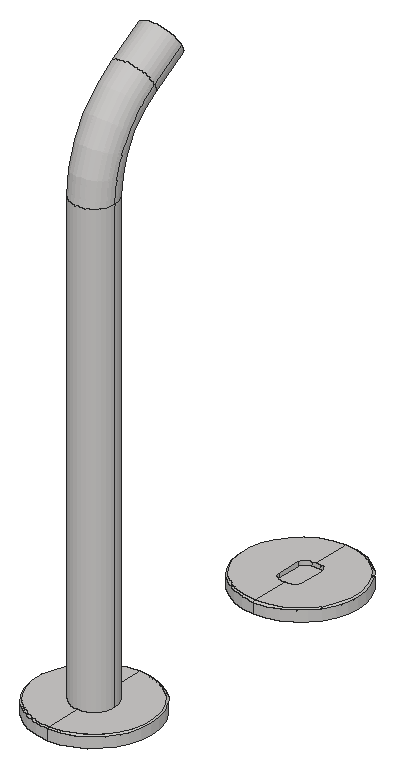
Revit family "SanitaryEquipment_Lovair_IR-sensor-tap_TSL-882", category Furniture, host Face, Revit 2016
Family settings
  Host = Face
  OmniClass Number = 23.45.05.14.14
  OmniClass Title = Sinks/Lavatories
  Cut with Voids When Loaded = No
  Shared = No
  Room Calculation Point = No
Parameters (values of type "Satin")
  WarrantyStartDate [instance] = "1900-12-31T23:59:59"  # constant formula
  WarrantyGuarantorParts = "n/a"  # constant formula
  WarrantyGuarantorLabor = "n/a"  # constant formula
  WarrantyDurationUnit = "Year"  # constant formula
  WarrantyDurationParts = "n/a"  # constant formula
  WarrantyDurationLabor = "n/a"  # constant formula
  WarrantyDescription = "n/a"  # constant formula
  Version = "1"
  Uniclass2015Version = "UK_NBS_Uniclass2015_04_18"  # constant formula
  Uniclass2015Title = "Washbasin taps"  # constant formula
  Uniclass2015Code = "Pr_40_20_87_98"  # constant formula
  URL = "https://thesplashlab.com/product/tsl-882-ir-sensor-tap/"
  Type Comments = ""
  TagNumber [instance] = "n/a"  # constant formula
  SustainabilityPerformance = "n/a"  # constant formula
  Size = ""
  Shape = "n/a"  # constant formula
  SerialNumber [instance] = "n/a"  # constant formula
  Model = "TSL-882"  # constant formula
  Manufacturer = "TheSplashLab"  # constant formula
  Keynote = ""
  Revision = "0"
  ReplacementCost = "n/a"  # constant formula
  ProductInformation = ""
  NominalWidth = 16.3 mm
  NominalLength = 45.0 mm
  NominalHeight = 220.0 mm
  Name = "SanitaryEquipment_Lovair_IR-sensor-tap_TSL-882"  # constant formula
  NBSTypeID = "n/a"  # constant formula
  NBSReference = Uniclass2015Code  # "Pr_40_20_87_98"
  NBSOfficeMasterTag = "n/a"  # constant formula
  NBSNote = "n/a"  # constant formula
  NBSDescription = "n/a"  # constant formula
  NBSCertification = ""
  ModelReference = "n/a"  # constant formula
  ModelNumber = "n/a"  # constant formula
  Material = ""
  ManufacturerURL = "https://thesplashlab.com/"
  ManufacturerName = Manufacturer  # "TheSplashLab"
  InstallationDate [instance] = "1900-12-31T23:59:59"  # constant formula
  IfcExportType = ""
  IfcExportAs = ""
  HousingMaterial = Stainless Steel
  Grade = "n/a"  # constant formula
  Finish = ""
  Features = "n/a"  # constant formula
  ExpectedLife = "n/a"  # constant formula
  DurationUnit = "Year"  # constant formula
  Description = ""
  Default Elevation = 1219.2 mm
  Constituents = "n/a"  # constant formula
  Color = ""
  CodePerformance = "n/a"  # constant formula
  Category = NBSReference  # "Pr_40_20_87_98"
  BarCode [instance] = "n/a"  # constant formula
  BIMObjectName = Name  # "SanitaryEquipment_Lovair_IR-sensor-tap_TSL-882"
  Author = "TheSplashLab"  # constant formula
  AssetType = "Fixed"  # constant formula
  AssetIdentifier [instance] = "n/a"  # constant formula
  Assembly Code = "D2010400"
  AccessibilityPerformance = "n/a"  # constant formula
Types (5, lengths in mm): name | HousingMaterial
  Bronze | Brushed Bronze
  Copper | Brushed Copper
  Black | Brushed Black
  Brass | Brushed Brass
  Satin | Stainless Steel
Reference planes
  plane 1 "Center (Front/Back)": y = 0
  plane 2: z = 0
  plane 3 "Center (Left/Right)": x = 0
  plane 4: y = 100
Forms (mm)
  Revolve 1, solid, material "Stainless Steel" <- "HousingMaterial"
    sketch origin (0, 0, 0) x (0, 1, 0) y (0, 0, 1)
      loop
        line (22.5, 0) -> (22.5, 4.029) -> (21.895, 4.536) -> (0, 4.536) -> (0, 0) -> (22.5, 0)
      axis (0, 4.536) -> (0, 0)
    angle from 0 to 360
  Sweep 2, solid, material "Stainless Steel" <- "HousingMaterial"
    path origin (0, 0, 0) x (0, 1, 0) y (0, 0, 1)
      loop
        line (0, 4.536) -> (0, 179.219)
        arc (0, 179.219) -> (5.12, 198.328) -> (19.108, 212.319) r 38.222
        line (19.108, 212.319) -> (32.41, 220)
    profile origin (0, 0, 91.877) x (0, -1, 0) y (1, 0, 0)
      loop
        circle (0, 0) r 8.15
      loop
        circle (0, 0) r 7.337
  Revolve 3, solid, material "Stainless Steel" <- "HousingMaterial"
    sketch origin (0, 100, 0) x (0, 1, 0) y (0, 0, 1)
      loop
        line (22.5, 0) -> (22.5, 4.029) -> (21.895, 4.536) -> (0, 4.536) -> (0, 0) -> (22.5, 0)
      axis (0, 4.536) -> (0, 0)
    angle from 0 to 360
  Extrusion 4, void
    sketch origin (0, 0, 0) x (0.5, 0.866025, 0) y (-0.866025, 0.5, 0)
      loop
        line (88.181, 56.266) -> (80.387, 51.766)
        arc (80.387, 51.766) -> (78.989, 49.944) -> (79.289, 47.668) r 3
        line (79.289, 47.668) -> (80.926, 44.832)
        arc (80.926, 44.832) -> (82.747, 43.435) -> (85.024, 43.734) r 3
        line (85.024, 43.734) -> (92.818, 48.234)
        arc (92.818, 48.234) -> (94.216, 50.056) -> (93.916, 52.332) r 3
        line (93.916, 52.332) -> (92.279, 55.168)
        arc (92.279, 55.168) -> (90.458, 56.565) -> (88.181, 56.266) r 3
    from 3.032 to 6.398
Cuts and joins
  Extrusion 4 cuts Revolve 3
Lines and regions (mm)
  model lines
    curve 1: line (0, 22.5, 0) -> (0, -22.5, 0)
Dimensions and locks
  plane 1 "Center (Front/Back)" to plane 4 = 100.0 mm
  aligned and locked: plane 2 to host face
  aligned and locked: level to host face
